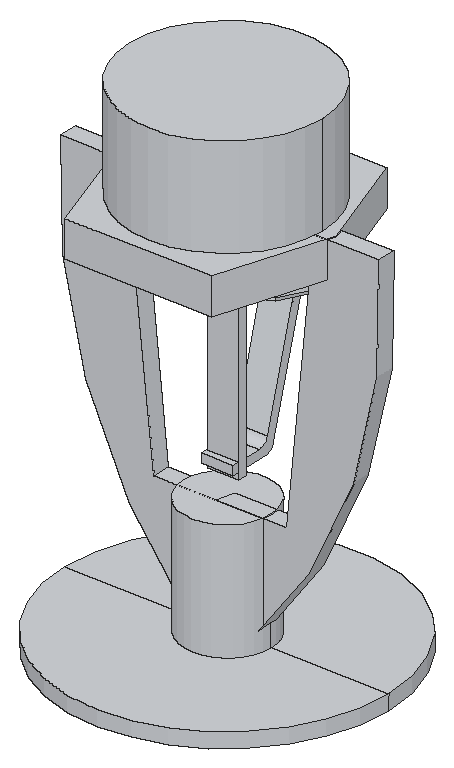
Revit family
Parameters (values of type "RASCO N252 EC PENDENT")
  Temperature Rating = 212 °F
  Response = (empty or 0)
  RASCO SIN # = "RA08A2"
  RASCO Part # = "EC252B"
  Pressure Rating = "175 PSI"
  Pressure Class = (empty or 0)
  Orifice Size = 1"
  Orifice = (empty or 0)
  Model = "N252 EC"
  Manufacturer = "RASCO"
  K-Factor = 25.2
  Description = "BRONZE FINISH"
  Coverage = 1
Reference planes (in)
  plane 1 "Center (Front/Back)": y = 0
  plane 2: z = 0
  plane 3 "Center (Left/Right)": x = 0
Nested families (in)
  nested 1: "RASCO- EC252B" at (0, -0.28517, 3.60324) x (-1, 0, 0) z (0, 0, -1), type "RASCO N252 EC PENDENT"
Connectors (in)
  piping at (0, -0.28517, 3.60324)
    settings: on nested 1, index 1, connector radius 11/16", flow factor 0, pipe flow 0 GPM, pressure drop 0.00 psi, fitting loss kfactor 0, connector angle 0.00°, fixture units 0, flow configuration 0, flow direction 0, fitting loss method 0, system type 7, connector reference index -1, connector utility 0, adjustable connector no, is connector primary yes, fitting loss table "", connector description ""
Definition of nested family "RASCO- EC252B"
  Parameters (values of type "RASCO N252 EC PENDENT")
    Type Comments = ""
    Temperature Rating = 0 °F
    Response = (empty or 0)
    Pressure Rating = "0"
    Pressure Class = (empty or 0)
    Orifice Size = 0"
    Orifice = (empty or 0)
    Model = ""
    Manufacturer = ""
    K-Factor = 0
    Description = ""
    Coverage = (empty or 0)
    Assembly Code = ""
  Reference planes (in)
    plane 1 "Center (Front/Back)": y = 0
    plane 2: z = 0
    plane 3 "ref.2": z = 0.6875
    plane 4 "ref.3": z = 0.9375
    plane 5: x = -0.38065
    plane 6: x = 0.36935
    plane 7 "ref. side 1": y = 0.06402
    plane 8 "ref. side 2": y = -0.06098
    plane 9 "ref.4": z = 2.6
    plane 10 "ref.5": z = 3.6
    plane 11 "center": x = -0.00574
    plane 12 "clip": through (0, 0.52703, 1.36085) normal (0, 0.2756, -0.9613)
  Forms (in)
    Extrusion 1, solid
      sketch origin (0, 0, 0) x (1, 0, 0) y (0, 1, 0)
        loop
          circle (0, 0) r 0.659
      from 0 to 0.6875
    Extrusion 2, solid
      sketch origin (-0.12185, 0.05177, 0.6875) x (1, 0, 0) y (0, 1, 0)
        loop
          line (-0.37766, 0.70082) -> (-0.6339, -0.05177) -> (-0.3889, -0.80818) -> (0.62234, -0.80818) -> (0.8661, -0.05177) -> (0.62234, 0.70082) -> (-0.37766, 0.70082)
      from 0 to 0.25
    Extrusion 3, solid
      sketch origin (0, 0, 0) x (1, 0, 0) y (0, 0, 1)
        loop
          line (-1.09324, 0.6875) -> (-0.62034, 0.6875) -> (-0.62034, 0.96854)
          arc (-0.62034, 0.96854) -> (-0.58056, 1.76334) -> (-0.46159, 2.55019) r 7.95835
          line (-0.46159, 2.55019) -> (0.44697, 2.55019)
          arc (0.44697, 2.55019) -> (0.56668, 1.78042) -> (0.60672, 1.00242) r 7.57793
          line (0.60672, 1.00242) -> (0.60672, 0.6875) -> (1.08176, 0.6875)
          arc (1.08176, 0.6875) -> (0.90757, 2.11947) -> (0.17997, 3.36505) r 3.56334
          line (0.17997, 3.36505) -> (-0.19366, 3.36505)
          arc (-0.19366, 3.36505) -> (-0.92012, 2.11923) -> (-1.09324, 0.6875) r 3.563
      from -0.06402 to 0.06098
    Extrusion 4, solid
      sketch origin (-0.00199, 0, 3.1625) x (-1, 0, 0) y (0, -1, 0)
        loop
          circle (0.00574, -0.00152) r 0.3
      from -0.61231 to 0.4375
    Revolve 5, solid
      sketch origin (-0.0011, 0, 1.03138) x (1, 0, 0) y (0, 0, 1)
        loop
          line (-0.19255, 2.33367) -> (-0.19255, 2.43679) -> (-0.34939, 2.43679) -> (-1.11507, 2.43679) -> (-1.11507, 2.33367) -> (-0.19255, 2.33367)
        axis (-0.00574, 2.33367) -> (-0.00574, 2.43679)
      angle from 0 to 360
    Extrusion 6, solid
      sketch origin (0, 0, 0.9375) x (-1, 0, 0) y (0, -1, 0)
        loop
          line (-0.10175, -0.02852) -> (0.11324, -0.02852) -> (0.11324, 0.03101) -> (-0.10175, 0.03101) -> (-0.10175, -0.02852)
      from 0 to 1.45629
    Extrusion 7, solid
      sketch origin (-0.00574, 0, 0) x (0, 0, -1) y (0, -1, 0)
        loop
          line (-2.34418, 0.08154) -> (-2.34418, -0.18975)
          arc (-2.34418, -0.18975) -> (-2.3294, -0.23392) -> (-2.29102, -0.2603) r 0.07339
          line (-2.29102, -0.2603) -> (-1.29471, -0.54599) -> (-1.27823, -0.48852) -> (-2.23088, -0.21535)
          arc (-2.23088, -0.21535) -> (-2.26901, -0.18915) -> (-2.28369, -0.14527) r 0.07291
          line (-2.28369, -0.14527) -> (-2.28369, 0.08154) -> (-2.34418, 0.08154)
      from -0.1075 to 0.1075
    Extrusion 8, solid
      sketch origin (0, -0.32053, 1.11781) x (0, 0.961262, 0.275637) y (1, 0, 0)
        loop
          line (0.84059, -0.34079) -> (0.916, -0.26539) -> (0.916, 0.24563) -> (0.84145, 0.32018) -> (0.33718, 0.32018) -> (0.26218, 0.24518) -> (0.26218, -0.26617) -> (0.3368, -0.34079) -> (0.84059, -0.34079)
      from -0.01906 to 0
  Cuts and joins
    joined: Extrusion 1, Extrusion 2, Revolve 5
